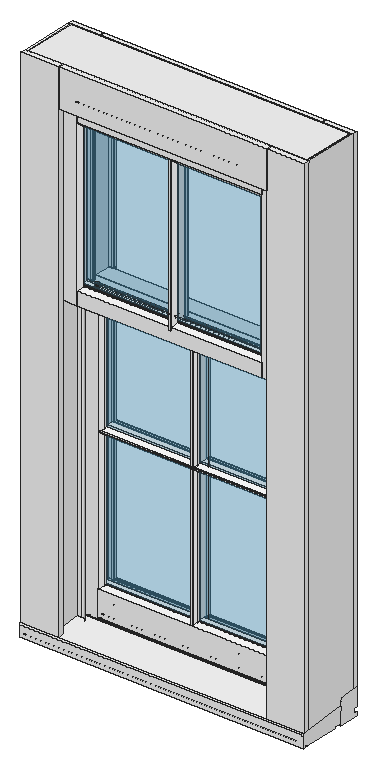
Revit family "B1-24", category Generic Models, Revit 2012 (continued)
Forms (mm)
  Extrusion 87, solid, material "White" <- "Floor Material"
    sketch origin (-331.582, -571.902, -292) x (-1, 0, 0) y (0, -1, 0)
      loop
        line (-162.504, -643.402) -> (-199.504, -643.402)
        arc (-199.504, -643.402) -> (-201.625, -644.281) -> (-202.504, -646.402) r 3
        line (-202.504, -646.402) -> (-202.504, -651.402) -> (-196.504, -651.402) -> (-196.504, -654.402) -> (-202.504, -654.402) -> (-202.504, -667.402) -> (-196.504, -667.402) -> (-196.504, -679.402) -> (-202.504, -679.402) -> (-202.504, -700.402)
        arc (-202.504, -700.402) -> (-201.625, -702.524) -> (-199.504, -703.402) r 3
        line (-199.504, -703.402) -> (-162.504, -703.402) -> (-162.504, -643.402)
    from 1122.029 to 1573.937
  Extrusion 88, solid, material "White" <- "Floor Material"
    sketch origin (-420.678, 19.326, -224.237) x (1, 0, 0) y (0, 1, 0)
      loop
        line (-8.825, 91.096) -> (11.175, 91.096) -> (11.175, 99.096) -> (9.175, 99.096) -> (9.175, 101.596) -> (3.675, 109.096) -> (3.675, 111.096) -> (-1.325, 111.096) -> (-1.325, 109.096) -> (-6.825, 101.596) -> (-6.825, 99.096) -> (-8.825, 99.096) -> (-8.825, 91.096)
      loop
        line (11.175, 62.296) -> (11.175, 65.096) -> (-8.825, 65.096) -> (-8.825, 62.296) -> (-1.325, 54.142) -> (-1.325, 52.142) -> (3.675, 52.142) -> (3.675, 54.142) -> (11.175, 62.296)
    from 341.242 to 1065.266
  Extrusion 89, solid, material "White" <- "Floor Material"
    sketch origin (-21.41, 0, 157) x (1, 0, 0) y (0, 1, 0)
      loop
        line (-408.094, 34) -> (-408.094, 18) -> (-388.094, 18) -> (-388.094, 34) -> (-408.094, 34)
    from 717.52 to 1108
  Extrusion 90, solid, material "White" <- "Floor Material"
    sketch origin (-21.41, 72.797, -224.237) x (1, 0, 0) y (0, 1, 0)
      loop
        line (-408.094, 34) -> (-408.094, 18) -> (-388.094, 18) -> (-388.094, 34) -> (-408.094, 34)
    from 353.733 to 1046.794
  Extrusion 91, solid, material "White" <- "Floor Material", detail levels fine
    sketch origin (-420.628, -53.846, 156.937) x (1, 0, 0) y (0, 1, 0)
      loop
        line (-8.825, 93.096) -> (11.175, 93.096) -> (11.175, 99.096) -> (9.175, 99.096) -> (9.175, 100.804)
        arc (9.175, 100.804) -> (7.675, 105.779) -> (3.675, 109.096) r 9
        line (3.675, 109.096) -> (3.675, 111.096) -> (-1.325, 111.096) -> (-1.325, 109.096)
        arc (-1.325, 109.096) -> (-5.325, 105.779) -> (-6.825, 100.804) r 9
        line (-6.825, 100.804) -> (-6.825, 99.096) -> (-8.825, 99.096) -> (-8.825, 93.096)
      loop
        line (-8.825, 61.911) -> (-1.376, 53.757) -> (-1.376, 51.757) -> (3.624, 51.757) -> (3.624, 53.757) -> (11.175, 64.711) -> (-8.825, 64.711) -> (-8.825, 61.911)
    from 701.091 to 1108.063
Dimensions and locks
  plane 4 to level = 1397 mm
  plane 8 to plane 5 = 131 mm  (x2)
  plane 9 to plane 7 = 174 mm
  locked: plane 10 to plane 11 at 44
  locked: plane 4 to plane 12 at 100
  locked: plane 13 to plane 12 at 14
  plane 14 to level = 33 mm
  locked: Extrusion 60 to Extrusion 60 at 6
  Extrusion 4 to Extrusion 4 = 4 mm
  locked: plane 4 to plane 15 at 82
  plane 16 to level = 68 mm
  plane 16 to plane 2 = 68 mm
  plane 19 to plane 12 = 100 mm
  Extrusion 59 to Extrusion 24 = 1397 mm
  plane 20 to plane 2 = 1397 mm
  "Width": plane 17 to plane 5
  locked: Extrusion 84 to Extrusion 84 at 6
  plane 21 to plane 17 = 82 mm
  plane 17 to plane 22 = 131 mm
  Extrusion 88 sketch curve to Extrusion 88 sketch curve = 8 mm  (x2)
  Extrusion 88 sketch curve to Extrusion 88 sketch curve = 26 mm
  aligned and locked: level to plane 2
  aligned and locked: Extrusion 5 to Extrusion 6
  aligned and locked: Extrusion 34 to Extrusion 33
  aligned and locked: plane 7 to Extrusion 23
  aligned and locked: Extrusion 16 to plane 8
  aligned and locked: Extrusion 14 to plane 8
  aligned and locked: Extrusion 21 to plane 8
  aligned and locked: Extrusion 18 to plane 8
  aligned and locked: Extrusion 20 to plane 8
  aligned and locked: Extrusion 17 to plane 8
  aligned and locked: Extrusion 19 to plane 8
  aligned and locked: Extrusion 22 to plane 8
  aligned and locked: Extrusion 8 to plane 8
  aligned and locked: Extrusion 10 to plane 8
  aligned and locked: Extrusion 3 to plane 8
  aligned and locked: Extrusion 9 to plane 8
  aligned and locked: Extrusion 5 to plane 8
  aligned and locked: Extrusion 7 to plane 8
  aligned and locked: Extrusion 2 to plane 8
  aligned and locked: Extrusion 6 to plane 8
  aligned and locked: Extrusion 9 to Extrusion 16
  aligned and locked: Extrusion 8 to Extrusion 16
  aligned and locked: Extrusion 29 to plane 8
  aligned and locked: Extrusion 27 to plane 8
  aligned and locked: Extrusion 31 to plane 8
  aligned and locked: Extrusion 34 to plane 8
  aligned and locked: Extrusion 33 to plane 8
  aligned and locked: Extrusion 35 to plane 8
  aligned and locked: Extrusion 36 to plane 8
  aligned and locked: Extrusion 32 to plane 8
  aligned and locked: Extrusion 28 to plane 8
  aligned and locked: Extrusion 4 to plane 8
  aligned and locked: plane 10 to Extrusion 2
  aligned and locked: plane 10 to Extrusion 40
  aligned and locked: plane 11 to Extrusion 1
  aligned and locked: Extrusion 44 to plane 11
  aligned and locked: Extrusion 43 to plane 11
  aligned and locked: plane 13 to Extrusion 43
  aligned and locked: plane 13 to Extrusion 44
  aligned and locked: plane 13 to Extrusion 54
  aligned and locked: plane 13 to Extrusion 53
  aligned and locked: plane 13 to Extrusion 52
  aligned and locked: plane 13 to Extrusion 46
  aligned and locked: Extrusion 15 to Extrusion 56
  aligned and locked: Extrusion 25 to plane 17
  aligned and locked: plane 20 to Extrusion 59
  aligned and locked: plane 4 to Extrusion 58
  aligned and locked: plane 4 to Extrusion 60
  aligned and locked: Sweep 62 sketch curve to plane 12
  aligned and locked: plane 21 to Sweep 62 sketch curve
Automatic sketch dimensions
  plane 1 "Center (Front/Back)" to Extrusion 17 sketch curve = 3.465 mm
  Extrusion 17 sketch curve to Extrusion 17 sketch curve = 1.414 mm
  Extrusion 17 sketch curve to plane 15 = 1.206 mm
  Extrusion 17 sketch curve to plane 15 = 0.117 mm
  plane 15 to Extrusion 17 sketch curve = 2.992 mm
  Extrusion 17 sketch curve to Extrusion 17 sketch curve = 1.085 mm
  plane 15 to Extrusion 18 sketch curve = 2.687 mm
  plane 1 "Center (Front/Back)" to Extrusion 18 sketch curve = 8.25 mm
  plane 15 to Extrusion 18 sketch curve = 0.187 mm
  Extrusion 18 sketch curve to Extrusion 18 sketch curve = 4 mm
  Extrusion 18 sketch curve to Extrusion 18 sketch curve = 0 mm
  Extrusion 18 sketch curve to Extrusion 18 sketch curve = 0.786 mm
  Extrusion 18 sketch curve to Extrusion 18 sketch curve = 1.414 mm  (x2)
  Extrusion 18 sketch curve to Extrusion 18 sketch curve = 0.8 mm  (x2)
  Extrusion 18 sketch curve to plane 15 = 0.117 mm
  Extrusion 18 sketch curve to plane 15 = 1.206 mm
  Extrusion 18 sketch curve to Extrusion 18 sketch curve = 0.857 mm  (x2)
  plane 15 to Extrusion 18 sketch curve = 2.992 mm
  Extrusion 18 sketch curve to Extrusion 18 sketch curve = 1.089 mm
  plane 1 "Center (Front/Back)" to Extrusion 19 sketch curve = 2.05 mm
  Extrusion 19 sketch curve to plane 1 "Center (Front/Back)" = 2.612 mm
  Extrusion 19 sketch curve to plane 15 = 1.419 mm
  plane 15 to Extrusion 19 sketch curve = 0.664 mm
  Extrusion 19 sketch curve to Extrusion 19 sketch curve = 1.235 mm
  plane 15 to Extrusion 19 sketch curve = 4.262 mm
  plane 5 to Extrusion 38 sketch curve = 34.062 mm  (x2)
  Extrusion 38 sketch curve to Extrusion 38 sketch curve = 45 mm  (x2)
  Extrusion 38 sketch curve to Extrusion 38 sketch curve = 0 mm  (x2)
  Extrusion 38 sketch curve to Extrusion 38 sketch curve = 3 mm  (x2)
  Extrusion 38 sketch curve to plane 1 "Center (Front/Back)" = 14.937 mm
  Extrusion 38 sketch curve to plane 1 "Center (Front/Back)" = 21.437 mm
  Extrusion 38 sketch curve to Extrusion 38 sketch curve = 16 mm  (x2)
  Extrusion 38 sketch curve to Extrusion 38 sketch curve = 6.5 mm  (x3)
  Extrusion 38 sketch curve to Extrusion 38 sketch curve = 42 mm
  plane 22 to Extrusion 74 sketch curve = 4.921 mm
  Extrusion 74 sketch curve to plane 22 = 0.079 mm
  Extrusion 74 sketch curve to plane 22 = 7.079 mm
  Extrusion 74 sketch curve to Extrusion 74 sketch curve = 1 mm  (x2)
  Extrusion 74 sketch curve to Extrusion 74 sketch curve = 3 mm  (x2)
  Extrusion 74 sketch curve to plane 1 "Center (Front/Back)" = 57 mm
  Extrusion 74 sketch curve to Extrusion 74 sketch curve = 4 mm
  Extrusion 74 sketch curve to Extrusion 74 sketch curve = 8 mm
  Extrusion 88 sketch curve to plane 23 = 2 mm
  plane 18 to Extrusion 88 sketch curve = 10 mm  (x2)
  Extrusion 88 sketch curve to Extrusion 88 sketch curve = 2 mm  (x4)
  plane 18 to Extrusion 88 sketch curve = 2.5 mm  (x2)
  Extrusion 88 sketch curve to plane 18 = 2.5 mm  (x2)
  Extrusion 88 sketch curve to plane 18 = 8 mm
  Extrusion 88 sketch curve to plane 18 = 10 mm
  Extrusion 88 sketch curve to Extrusion 88 sketch curve = 2.8 mm  (x2)
  Extrusion 88 sketch curve to Extrusion 88 sketch curve = 8.154 mm
  Extrusion 88 sketch curve to Extrusion 88 sketch curve = 0 mm  (x2)
  plane 23 to Extrusion 88 sketch curve = 6 mm
  Extrusion 88 sketch curve to Extrusion 88 sketch curve = 2.5 mm  (x2)
  Extrusion 88 sketch curve to Extrusion 88 sketch curve = 7.5 mm
  plane 18 to Extrusion 89 sketch curve = 10 mm
  Extrusion 89 sketch curve to plane 18 = 10 mm
  Extrusion 89 sketch curve to plane 1 "Center (Front/Back)" = 18 mm
  Extrusion 89 sketch curve to Extrusion 89 sketch curve = 16 mm
  plane 18 to Extrusion 91 sketch curve = 9.949 mm  (x2)
  Extrusion 91 sketch curve to Extrusion 91 sketch curve = 2 mm  (x4)
  plane 1 "Center (Front/Back)" to Extrusion 91 sketch curve = 0.089 mm  (x2)
  plane 18 to Extrusion 91 sketch curve = 2.5 mm
  plane 18 to Extrusion 91 sketch curve = 2.449 mm
  plane 18 to Extrusion 91 sketch curve = 0.949 mm
  Extrusion 91 sketch curve to plane 18 = 1.051 mm
  Extrusion 91 sketch curve to plane 18 = 2.5 mm
  Extrusion 91 sketch curve to plane 18 = 2.551 mm
  Extrusion 91 sketch curve to Extrusion 91 sketch curve = 7 mm
  Extrusion 91 sketch curve to plane 18 = 10.051 mm
  Extrusion 91 sketch curve to plane 1 "Center (Front/Back)" = 8.065 mm
  Extrusion 91 sketch curve to Extrusion 91 sketch curve = 2.8 mm
  Extrusion 91 sketch curve to Extrusion 91 sketch curve = 28.385 mm
  Extrusion 91 sketch curve to Extrusion 91 sketch curve = 6 mm  (x2)
  Extrusion 91 sketch curve to Extrusion 91 sketch curve = 1.708 mm
  Extrusion 91 sketch curve to Extrusion 91 sketch curve = 0 mm
  Extrusion 1 sketch curve to plane 1 "Center (Front/Back)" = 0 mm
  Extrusion 1 sketch curve to plane 11 = 0 mm
  plane 10 to Extrusion 1 sketch curve = 1.398 mm
  Extrusion 1 sketch curve to plane 1 "Center (Front/Back)" = 10 mm
  Extrusion 1 sketch curve to plane 1 "Center (Front/Back)" = 12 mm
  Extrusion 1 sketch curve to plane 10 = 0.602 mm
  Extrusion 1 sketch curve to Extrusion 1 sketch curve = 6 mm  (x2)
  Extrusion 1 sketch curve to Extrusion 1 sketch curve = 30.175 mm
  Extrusion 1 sketch curve to Extrusion 1 sketch curve = 16 mm  (x2)
  Extrusion 1 sketch curve to Extrusion 1 sketch curve = 20 mm
  Extrusion 1 sketch curve to Extrusion 1 sketch curve = 1.755 mm
  Extrusion 1 sketch curve to Extrusion 1 sketch curve = 5.47 mm
  Extrusion 1 sketch curve to Extrusion 1 sketch curve = 1.388 mm
  Extrusion 1 sketch curve to plane 10 = 12.881 mm
  Extrusion 1 sketch curve to Extrusion 1 sketch curve = 0.641 mm
  Extrusion 1 sketch curve to plane 10 = 10.196 mm
  Extrusion 1 sketch curve to Extrusion 1 sketch curve = 1.127 mm
  Extrusion 1 sketch curve to Extrusion 1 sketch curve = 2.057 mm
  Extrusion 1 sketch curve to Extrusion 1 sketch curve = 0.597 mm
  Extrusion 1 sketch curve to Extrusion 1 sketch curve = 0.817 mm  (x2)
  plane 11 to Extrusion 1 sketch curve = 3.398 mm
  Extrusion 1 sketch curve to Extrusion 1 sketch curve = 29 mm
  Extrusion 1 sketch curve to Extrusion 1 sketch curve = 4 mm  (x4)
  plane 11 to Extrusion 1 sketch curve = 5.398 mm
  Extrusion 1 sketch curve to Extrusion 1 sketch curve = 3 mm  (x3)
  plane 11 to Extrusion 1 sketch curve = 1.398 mm
  Extrusion 1 sketch curve to Extrusion 1 sketch curve = 1 mm  (x2)
  Extrusion 1 sketch curve to Extrusion 1 sketch curve = 8 mm
  Extrusion 1 sketch curve to Extrusion 1 sketch curve = 10 mm
  Extrusion 1 sketch curve to Extrusion 1 sketch curve = 4.721 mm
  Extrusion 1 sketch curve to Extrusion 1 sketch curve = 0.752 mm
  Extrusion 1 sketch curve to Extrusion 1 sketch curve = 1.157 mm
  Extrusion 1 sketch curve to plane 10 = 14.602 mm
  Extrusion 1 sketch curve to Extrusion 1 sketch curve = 0.824 mm
  Extrusion 1 sketch curve to plane 10 = 8.602 mm
  plane 10 to Extrusion 3 sketch curve = 1.398 mm  (x2)
  Extrusion 3 sketch curve to plane 1 "Center (Front/Back)" = 12 mm
  Extrusion 3 sketch curve to Extrusion 3 sketch curve = 2 mm  (x2)
  plane 10 to Extrusion 3 sketch curve = 1.89 mm
  Extrusion 3 sketch curve to Extrusion 3 sketch curve = 24 mm  (x2)
  Extrusion 3 sketch curve to Extrusion 3 sketch curve = 3 mm  (x2)
  Extrusion 3 sketch curve to Extrusion 3 sketch curve = 4 mm  (x2)
  plane 11 to Extrusion 3 sketch curve = 4.398 mm
  Extrusion 3 sketch curve to Extrusion 3 sketch curve = 42 mm
  plane 11 to Extrusion 3 sketch curve = 0.907 mm
  plane 11 to Extrusion 3 sketch curve = 5.398 mm
  plane 11 to Extrusion 3 sketch curve = 1.398 mm  (x2)
  plane 11 to Extrusion 3 sketch curve = 1.153 mm
  Extrusion 3 sketch curve to Extrusion 3 sketch curve = 0.246 mm
  Extrusion 3 sketch curve to plane 10 = 2.602 mm
  Extrusion 3 sketch curve to plane 10 = 1.602 mm
  Extrusion 3 sketch curve to plane 10 = 1.356 mm
  plane 10 to Extrusion 3 sketch curve = 1.644 mm
  plane 7 to Extrusion 4 sketch curve = 67.764 mm
  Extrusion 4 sketch curve to Extrusion 4 sketch curve = 4 mm  (x2)
  plane 11 to Extrusion 4 sketch curve = 5.398 mm
  Extrusion 4 sketch curve to Extrusion 4 sketch curve = 16 mm
  plane 11 to Extrusion 4 sketch curve = 3.398 mm
  plane 16 to Extrusion 4 sketch curve = 49.004 mm
  Extrusion 4 sketch curve to Extrusion 4 sketch curve = 0 mm
  Extrusion 5 sketch curve to plane 10 = 14.702 mm
  Extrusion 5 sketch curve to plane 1 "Center (Front/Back)" = 61.71 mm
  Extrusion 5 sketch curve to Extrusion 5 sketch curve = 0.207 mm
  Extrusion 5 sketch curve to Extrusion 5 sketch curve = 0.208 mm
  Extrusion 5 sketch curve to Extrusion 5 sketch curve = 0.097 mm  (x2)
  Extrusion 5 sketch curve to Extrusion 5 sketch curve = 0.695 mm
  Extrusion 5 sketch curve to Extrusion 5 sketch curve = 0.01 mm
  Extrusion 5 sketch curve to Extrusion 5 sketch curve = 0.515 mm
  Extrusion 5 sketch curve to Extrusion 5 sketch curve = 0.807 mm
  Extrusion 5 sketch curve to Extrusion 5 sketch curve = 0.052 mm
  Extrusion 5 sketch curve to Extrusion 5 sketch curve = 0.494 mm
  Extrusion 5 sketch curve to Extrusion 5 sketch curve = 0.432 mm
  Extrusion 5 sketch curve to Extrusion 5 sketch curve = 0.799 mm
  Extrusion 5 sketch curve to Extrusion 5 sketch curve = 0.784 mm
  Extrusion 5 sketch curve to Extrusion 5 sketch curve = 0.893 mm  (x3)
  Extrusion 5 sketch curve to Extrusion 5 sketch curve = 3.071 mm
  Extrusion 5 sketch curve to Extrusion 5 sketch curve = 2.464 mm
  Extrusion 5 sketch curve to Extrusion 5 sketch curve = 0.602 mm  (x2)
  Extrusion 5 sketch curve to Extrusion 5 sketch curve = 2.962 mm
  Extrusion 5 sketch curve to Extrusion 5 sketch curve = 0.109 mm
  Extrusion 5 sketch curve to Extrusion 5 sketch curve = 0.606 mm
  Extrusion 5 sketch curve to Extrusion 5 sketch curve = 1.622 mm
  Extrusion 5 sketch curve to Extrusion 5 sketch curve = 0.373 mm
  Extrusion 5 sketch curve to Extrusion 5 sketch curve = 2.848 mm
  Extrusion 5 sketch curve to Extrusion 5 sketch curve = 0.798 mm
  Extrusion 5 sketch curve to Extrusion 5 sketch curve = 0.078 mm
  Extrusion 5 sketch curve to Extrusion 5 sketch curve = 0.64 mm
  Extrusion 5 sketch curve to Extrusion 5 sketch curve = 0.422 mm
  Extrusion 5 sketch curve to Extrusion 5 sketch curve = 1.377 mm
  Extrusion 5 sketch curve to Extrusion 5 sketch curve = 1.698 mm
  Extrusion 5 sketch curve to Extrusion 5 sketch curve = 0.083 mm
  Extrusion 5 sketch curve to Extrusion 5 sketch curve = 2.325 mm
  Extrusion 5 sketch curve to Extrusion 5 sketch curve = 2.362 mm
  Extrusion 5 sketch curve to Extrusion 5 sketch curve = 0.218 mm
  Extrusion 5 sketch curve to Extrusion 5 sketch curve = 0.794 mm  (x2)
  Extrusion 5 sketch curve to Extrusion 5 sketch curve = 0.584 mm
  Extrusion 5 sketch curve to Extrusion 5 sketch curve = 0.621 mm
  Extrusion 5 sketch curve to Extrusion 5 sketch curve = 0.663 mm
  Extrusion 5 sketch curve to Extrusion 5 sketch curve = 0.085 mm
  Extrusion 5 sketch curve to Extrusion 5 sketch curve = 0.645 mm
  Extrusion 5 sketch curve to Extrusion 5 sketch curve = 1.316 mm
  Extrusion 5 sketch curve to Extrusion 5 sketch curve = 0.482 mm
  Extrusion 5 sketch curve to Extrusion 5 sketch curve = 0.026 mm
  Extrusion 5 sketch curve to Extrusion 5 sketch curve = 2.763 mm
  Extrusion 5 sketch curve to Extrusion 5 sketch curve = 0.86 mm
  Extrusion 6 sketch curve to plane 10 = 14.602 mm
  Extrusion 6 sketch curve to plane 1 "Center (Front/Back)" = 61.71 mm
  Extrusion 6 sketch curve to Extrusion 6 sketch curve = 0.208 mm
  Extrusion 6 sketch curve to Extrusion 6 sketch curve = 0.098 mm
  Extrusion 6 sketch curve to Extrusion 6 sketch curve = 0.097 mm  (x5)
  Extrusion 6 sketch curve to Extrusion 6 sketch curve = 0.697 mm  (x2)
  Extrusion 6 sketch curve to Extrusion 6 sketch curve = 0.518 mm
  Extrusion 6 sketch curve to Extrusion 6 sketch curve = 0.694 mm
  Extrusion 6 sketch curve to Extrusion 6 sketch curve = 0.165 mm
  Extrusion 6 sketch curve to Extrusion 6 sketch curve = 0.689 mm
  Extrusion 6 sketch curve to Extrusion 6 sketch curve = 0.644 mm
  Extrusion 6 sketch curve to Extrusion 6 sketch curve = 0.799 mm
  Extrusion 6 sketch curve to Extrusion 6 sketch curve = 0.794 mm  (x4)
  Extrusion 6 sketch curve to Extrusion 6 sketch curve = 3.119 mm
  Extrusion 6 sketch curve to Extrusion 6 sketch curve = 2.365 mm
  Extrusion 6 sketch curve to Extrusion 6 sketch curve = 0.661 mm  (x2)
  Extrusion 6 sketch curve to Extrusion 6 sketch curve = 3.021 mm
  Extrusion 6 sketch curve to Extrusion 6 sketch curve = 0.541 mm
  Extrusion 6 sketch curve to Extrusion 6 sketch curve = 1.585 mm
  Extrusion 6 sketch curve to Extrusion 6 sketch curve = 0.629 mm
  Extrusion 6 sketch curve to Extrusion 6 sketch curve = 2.86 mm
  Extrusion 6 sketch curve to Extrusion 6 sketch curve = 0.091 mm
  Extrusion 6 sketch curve to Extrusion 6 sketch curve = 0.411 mm
  Extrusion 6 sketch curve to Extrusion 6 sketch curve = 0.739 mm
  Extrusion 6 sketch curve to Extrusion 6 sketch curve = 0.509 mm
  Extrusion 6 sketch curve to Extrusion 6 sketch curve = 1.464 mm
  Extrusion 6 sketch curve to Extrusion 6 sketch curve = 1.698 mm
  Extrusion 6 sketch curve to Extrusion 6 sketch curve = 0.134 mm
  Extrusion 6 sketch curve to Extrusion 6 sketch curve = 2.325 mm
  Extrusion 6 sketch curve to Extrusion 6 sketch curve = 2.323 mm
  Extrusion 6 sketch curve to Extrusion 6 sketch curve = 0.2 mm
  Extrusion 6 sketch curve to Extrusion 6 sketch curve = 0.501 mm
  Extrusion 6 sketch curve to Extrusion 6 sketch curve = 0.092 mm
  Extrusion 6 sketch curve to Extrusion 6 sketch curve = 0.722 mm
  Extrusion 6 sketch curve to Extrusion 6 sketch curve = 0.763 mm
  Extrusion 6 sketch curve to Extrusion 6 sketch curve = 0.744 mm
  Extrusion 6 sketch curve to Extrusion 6 sketch curve = 1.416 mm
  Extrusion 6 sketch curve to Extrusion 6 sketch curve = 0.365 mm
  Extrusion 6 sketch curve to Extrusion 6 sketch curve = 0.077 mm
  Extrusion 6 sketch curve to Extrusion 6 sketch curve = 2.759 mm
  Extrusion 6 sketch curve to Extrusion 6 sketch curve = 0.941 mm
  Extrusion 7 sketch curve to plane 10 = 14.319 mm
  Extrusion 7 sketch curve to plane 1 "Center (Front/Back)" = 56.897 mm
  Extrusion 7 sketch curve to Extrusion 7 sketch curve = 0.097 mm  (x2)
  Extrusion 7 sketch curve to Extrusion 7 sketch curve = 0.233 mm
  Extrusion 7 sketch curve to Extrusion 7 sketch curve = 0.437 mm
  Extrusion 7 sketch curve to Extrusion 7 sketch curve = 0.496 mm
  Extrusion 7 sketch curve to Extrusion 7 sketch curve = 0.065 mm
  Extrusion 7 sketch curve to Extrusion 7 sketch curve = 0.807 mm
  Extrusion 7 sketch curve to Extrusion 7 sketch curve = 0.052 mm
  Extrusion 7 sketch curve to Extrusion 7 sketch curve = 0.552 mm
  Extrusion 7 sketch curve to Extrusion 7 sketch curve = 0.432 mm
  Extrusion 7 sketch curve to Extrusion 7 sketch curve = 0.07 mm
  Extrusion 7 sketch curve to Extrusion 7 sketch curve = 0.799 mm
  Extrusion 7 sketch curve to Extrusion 7 sketch curve = 2.464 mm
  Extrusion 7 sketch curve to Extrusion 7 sketch curve = 5.127 mm
  Extrusion 7 sketch curve to Extrusion 7 sketch curve = 0.03 mm
  Extrusion 7 sketch curve to Extrusion 7 sketch curve = 0.032 mm
  Extrusion 7 sketch curve to Extrusion 7 sketch curve = 0.218 mm
  Extrusion 7 sketch curve to Extrusion 7 sketch curve = 0.346 mm
  Extrusion 7 sketch curve to Extrusion 7 sketch curve = 0.794 mm  (x2)
  Extrusion 7 sketch curve to Extrusion 7 sketch curve = 0.584 mm
  Extrusion 7 sketch curve to Extrusion 7 sketch curve = 0.621 mm
  Extrusion 7 sketch curve to Extrusion 7 sketch curve = 0.663 mm
  Extrusion 7 sketch curve to Extrusion 7 sketch curve = 4.187 mm
  Extrusion 7 sketch curve to Extrusion 7 sketch curve = 0.013 mm
  Extrusion 7 sketch curve to Extrusion 7 sketch curve = 0.465 mm
  Extrusion 7 sketch curve to Extrusion 7 sketch curve = 0.061 mm
  Extrusion 7 sketch curve to Extrusion 7 sketch curve = 0.661 mm
  Extrusion 7 sketch curve to Extrusion 7 sketch curve = 0.251 mm
  plane 11 to Extrusion 8 sketch curve = 17.781 mm
  Extrusion 8 sketch curve to plane 1 "Center (Front/Back)" = 69.29 mm
  Extrusion 8 sketch curve to Extrusion 8 sketch curve = 0.207 mm
  Extrusion 8 sketch curve to Extrusion 8 sketch curve = 0.208 mm
  Extrusion 8 sketch curve to Extrusion 8 sketch curve = 0.097 mm  (x2)
  Extrusion 8 sketch curve to Extrusion 8 sketch curve = 0.695 mm
  Extrusion 8 sketch curve to Extrusion 8 sketch curve = 0.01 mm
  Extrusion 8 sketch curve to Extrusion 8 sketch curve = 0.515 mm
  Extrusion 8 sketch curve to Extrusion 8 sketch curve = 0.807 mm
  Extrusion 8 sketch curve to Extrusion 8 sketch curve = 0.052 mm
  Extrusion 8 sketch curve to Extrusion 8 sketch curve = 0.494 mm
  Extrusion 8 sketch curve to Extrusion 8 sketch curve = 0.432 mm
  Extrusion 8 sketch curve to Extrusion 8 sketch curve = 0.799 mm
  Extrusion 8 sketch curve to Extrusion 8 sketch curve = 0.784 mm
  Extrusion 8 sketch curve to Extrusion 8 sketch curve = 0.893 mm  (x3)
  Extrusion 8 sketch curve to Extrusion 8 sketch curve = 3.071 mm
  Extrusion 8 sketch curve to Extrusion 8 sketch curve = 2.464 mm
  Extrusion 8 sketch curve to Extrusion 8 sketch curve = 0.602 mm  (x2)
  Extrusion 8 sketch curve to Extrusion 8 sketch curve = 2.962 mm
  Extrusion 8 sketch curve to Extrusion 8 sketch curve = 0.109 mm
  Extrusion 8 sketch curve to Extrusion 8 sketch curve = 0.606 mm
  Extrusion 8 sketch curve to Extrusion 8 sketch curve = 1.622 mm
  Extrusion 8 sketch curve to Extrusion 8 sketch curve = 0.373 mm
  Extrusion 8 sketch curve to Extrusion 8 sketch curve = 2.848 mm
  Extrusion 8 sketch curve to Extrusion 8 sketch curve = 0.798 mm
  Extrusion 8 sketch curve to Extrusion 8 sketch curve = 0.078 mm
  Extrusion 8 sketch curve to Extrusion 8 sketch curve = 0.64 mm
  Extrusion 8 sketch curve to Extrusion 8 sketch curve = 0.422 mm
  Extrusion 8 sketch curve to Extrusion 8 sketch curve = 1.377 mm
  Extrusion 8 sketch curve to Extrusion 8 sketch curve = 1.698 mm
  Extrusion 8 sketch curve to Extrusion 8 sketch curve = 0.083 mm
  Extrusion 8 sketch curve to Extrusion 8 sketch curve = 2.325 mm
  Extrusion 8 sketch curve to Extrusion 8 sketch curve = 2.362 mm
  Extrusion 8 sketch curve to Extrusion 8 sketch curve = 0.218 mm
  Extrusion 8 sketch curve to Extrusion 8 sketch curve = 0.794 mm  (x2)
  Extrusion 8 sketch curve to Extrusion 8 sketch curve = 0.584 mm
  Extrusion 8 sketch curve to Extrusion 8 sketch curve = 0.621 mm
  Extrusion 8 sketch curve to Extrusion 8 sketch curve = 0.663 mm
  Extrusion 8 sketch curve to Extrusion 8 sketch curve = 0.085 mm
  Extrusion 8 sketch curve to Extrusion 8 sketch curve = 0.645 mm
  Extrusion 8 sketch curve to Extrusion 8 sketch curve = 1.316 mm
  Extrusion 8 sketch curve to Extrusion 8 sketch curve = 0.482 mm
  Extrusion 8 sketch curve to Extrusion 8 sketch curve = 0.026 mm
  Extrusion 8 sketch curve to Extrusion 8 sketch curve = 2.763 mm
  Extrusion 8 sketch curve to Extrusion 8 sketch curve = 0.86 mm
  plane 11 to Extrusion 9 sketch curve = 17.398 mm
  Extrusion 9 sketch curve to plane 1 "Center (Front/Back)" = 74.103 mm
  Extrusion 9 sketch curve to Extrusion 9 sketch curve = 0.097 mm  (x2)
  Extrusion 9 sketch curve to Extrusion 9 sketch curve = 0.233 mm
  Extrusion 9 sketch curve to Extrusion 9 sketch curve = 0.437 mm
  Extrusion 9 sketch curve to Extrusion 9 sketch curve = 0.496 mm
  Extrusion 9 sketch curve to Extrusion 9 sketch curve = 0.065 mm
  Extrusion 9 sketch curve to Extrusion 9 sketch curve = 0.807 mm
  Extrusion 9 sketch curve to Extrusion 9 sketch curve = 0.052 mm
  Extrusion 9 sketch curve to Extrusion 9 sketch curve = 0.552 mm
  Extrusion 9 sketch curve to Extrusion 9 sketch curve = 0.432 mm
  Extrusion 9 sketch curve to Extrusion 9 sketch curve = 0.07 mm
  Extrusion 9 sketch curve to Extrusion 9 sketch curve = 0.799 mm
  Extrusion 9 sketch curve to Extrusion 9 sketch curve = 2.464 mm
  Extrusion 9 sketch curve to Extrusion 9 sketch curve = 5.127 mm
  Extrusion 9 sketch curve to Extrusion 9 sketch curve = 0.03 mm
  Extrusion 9 sketch curve to Extrusion 9 sketch curve = 0.032 mm
  Extrusion 9 sketch curve to Extrusion 9 sketch curve = 0.218 mm
  Extrusion 9 sketch curve to Extrusion 9 sketch curve = 0.346 mm
  Extrusion 9 sketch curve to Extrusion 9 sketch curve = 0.794 mm  (x2)
  Extrusion 9 sketch curve to Extrusion 9 sketch curve = 0.584 mm
  Extrusion 9 sketch curve to Extrusion 9 sketch curve = 0.621 mm
  Extrusion 9 sketch curve to Extrusion 9 sketch curve = 0.663 mm
  Extrusion 9 sketch curve to Extrusion 9 sketch curve = 4.187 mm
  Extrusion 9 sketch curve to Extrusion 9 sketch curve = 0.013 mm
  Extrusion 9 sketch curve to Extrusion 9 sketch curve = 0.465 mm
  Extrusion 9 sketch curve to Extrusion 9 sketch curve = 0.061 mm
  Extrusion 9 sketch curve to Extrusion 9 sketch curve = 0.661 mm
  Extrusion 9 sketch curve to Extrusion 9 sketch curve = 0.251 mm
  Extrusion 10 sketch curve to plane 1 "Center (Front/Back)" = 12 mm
  Extrusion 10 sketch curve to Extrusion 10 sketch curve = 26 mm  (x2)
  plane 11 to Extrusion 10 sketch curve = 13.398 mm
  Extrusion 10 sketch curve to Extrusion 10 sketch curve = 45 mm
  Extrusion 10 sketch curve to Extrusion 10 sketch curve = 4 mm  (x2)
  Extrusion 10 sketch curve to plane 10 = 14.602 mm
  Extrusion 13 sketch curve to plane 13 = 0 mm  (x2)
  Extrusion 13 sketch curve to plane 1 "Center (Front/Back)" = 0.25 mm
  Extrusion 13 sketch curve to plane 1 "Center (Front/Back)" = 3.25 mm
  Extrusion 13 sketch curve to plane 1 "Center (Front/Back)" = 10.25 mm
  Extrusion 13 sketch curve to Extrusion 13 sketch curve = 2 mm
  Extrusion 13 sketch curve to plane 13 = 6 mm
  Extrusion 13 sketch curve to Extrusion 13 sketch curve = 46 mm
  Extrusion 13 sketch curve to Extrusion 13 sketch curve = 3 mm
  Extrusion 13 sketch curve to plane 13 = 3 mm
  Extrusion 13 sketch curve to Extrusion 13 sketch curve = 5 mm
  Extrusion 13 sketch curve to plane 12 = 26 mm
  Extrusion 13 sketch curve to Extrusion 13 sketch curve = 6 mm
  Extrusion 13 sketch curve to Extrusion 13 sketch curve = 10 mm
  Extrusion 14 sketch curve to plane 1 "Center (Front/Back)" = 38.25 mm
  Extrusion 14 sketch curve to Extrusion 14 sketch curve = 3 mm  (x2)
  plane 15 to Extrusion 14 sketch curve = 7.62 mm
  Extrusion 14 sketch curve to Extrusion 14 sketch curve = 3.601 mm
  plane 15 to Extrusion 14 sketch curve = 11.305 mm
  Extrusion 14 sketch curve to Extrusion 14 sketch curve = 0.187 mm
  Extrusion 14 sketch curve to Extrusion 14 sketch curve = 1 mm  (x2)
  Extrusion 14 sketch curve to Extrusion 14 sketch curve = 0.649 mm
  plane 15 to Extrusion 14 sketch curve = 10.497 mm
  Extrusion 14 sketch curve to Extrusion 14 sketch curve = 2.265 mm
  Extrusion 14 sketch curve to Extrusion 14 sketch curve = 0.863 mm
  Extrusion 14 sketch curve to Extrusion 14 sketch curve = 0.001 mm
  Extrusion 14 sketch curve to Extrusion 14 sketch curve = 5 mm  (x2)
  plane 15 to Extrusion 14 sketch curve = 15.566 mm
  Extrusion 14 sketch curve to Extrusion 14 sketch curve = 1.118 mm
  Extrusion 14 sketch curve to Extrusion 14 sketch curve = 0.702 mm  (x2)
  plane 15 to Extrusion 14 sketch curve = 14.005 mm
  plane 15 to Extrusion 14 sketch curve = 2.625 mm
  Extrusion 14 sketch curve to Extrusion 14 sketch curve = 5.889 mm
  Extrusion 14 sketch curve to Extrusion 14 sketch curve = 0.861 mm
  Extrusion 14 sketch curve to Extrusion 14 sketch curve = 1.943 mm
  Extrusion 14 sketch curve to Extrusion 14 sketch curve = 1.982 mm
  plane 15 to Extrusion 14 sketch curve = 2.22 mm
  Extrusion 14 sketch curve to Extrusion 14 sketch curve = 0.1 mm
  Extrusion 14 sketch curve to Extrusion 14 sketch curve = 1.022 mm
  Extrusion 14 sketch curve to Extrusion 14 sketch curve = 0.095 mm
  Extrusion 14 sketch curve to Extrusion 14 sketch curve = 0.7 mm
  Extrusion 14 sketch curve to Extrusion 14 sketch curve = 1.018 mm
  Extrusion 14 sketch curve to Extrusion 14 sketch curve = 8 mm
  Extrusion 14 sketch curve to plane 12 = 15.063 mm
  Extrusion 14 sketch curve to Extrusion 14 sketch curve = 4 mm
  Extrusion 14 sketch curve to Extrusion 14 sketch curve = 0.405 mm
  Extrusion 14 sketch curve to Extrusion 14 sketch curve = 1.234 mm
  Extrusion 14 sketch curve to Extrusion 14 sketch curve = 2.583 mm
  Extrusion 14 sketch curve to Extrusion 14 sketch curve = 0.9 mm
  Extrusion 14 sketch curve to Extrusion 14 sketch curve = 1.71 mm
  plane 1 "Center (Front/Back)" to Extrusion 15 sketch curve = 1.25 mm
  Extrusion 15 sketch curve to plane 4 = 6 mm
  plane 7 to Extrusion 15 sketch curve = 20 mm
  plane 15 to Extrusion 15 sketch curve = 32 mm
  plane 10 to Extrusion 16 sketch curve = 1.89 mm  (x2)
  Extrusion 16 sketch curve to plane 1 "Center (Front/Back)" = 14 mm
  Extrusion 16 sketch curve to Extrusion 16 sketch curve = 4 mm  (x2)
  Extrusion 16 sketch curve to Extrusion 16 sketch curve = 16.25 mm
  Extrusion 16 sketch curve to plane 12 = 26 mm
  Extrusion 16 sketch curve to Extrusion 16 sketch curve = 0 mm
  plane 15 to Extrusion 20 sketch curve = 4.078 mm
  plane 7 to Extrusion 20 sketch curve = 17.786 mm
  Extrusion 20 sketch curve to Extrusion 20 sketch curve = 1.414 mm
  Extrusion 20 sketch curve to Extrusion 20 sketch curve = 1.085 mm
  Extrusion 20 sketch curve to plane 15 = 0.117 mm
  Extrusion 20 sketch curve to Extrusion 20 sketch curve = 1.089 mm
  Extrusion 21 sketch curve to plane 15 = 1.899 mm
  Extrusion 21 sketch curve to plane 7 = 19.2 mm
  plane 15 to Extrusion 21 sketch curve = 1.419 mm
  Extrusion 21 sketch curve to Extrusion 21 sketch curve = 4.662 mm
  Extrusion 21 sketch curve to plane 15 = 0.664 mm
  Extrusion 21 sketch curve to plane 15 = 4.262 mm
  Extrusion 22 sketch curve to plane 1 "Center (Front/Back)" = 12.25 mm
  Extrusion 22 sketch curve to Extrusion 22 sketch curve = 1.75 mm
  Extrusion 22 sketch curve to Extrusion 22 sketch curve = 24.25 mm
  Extrusion 22 sketch curve to Extrusion 22 sketch curve = 3 mm
  Extrusion 22 sketch curve to Extrusion 22 sketch curve = 4 mm  (x2)
  Extrusion 22 sketch curve to plane 12 = 31.063 mm
  Extrusion 22 sketch curve to Extrusion 22 sketch curve = 1 mm
  Extrusion 22 sketch curve to Extrusion 22 sketch curve = 0.215 mm
  Extrusion 22 sketch curve to Extrusion 22 sketch curve = 2.785 mm
  Extrusion 23 sketch curve to plane 15 = 0 mm  (x2)
  Extrusion 23 sketch curve to plane 7 = 0 mm
  plane 15 to Extrusion 23 sketch curve = 7 mm
  Extrusion 23 sketch curve to plane 1 "Center (Front/Back)" = 69.75 mm
  Extrusion 23 sketch curve to Extrusion 23 sketch curve = 8 mm  (x2)
  plane 1 "Center (Front/Back)" to Extrusion 23 sketch curve = 1.25 mm  (x2)
  Extrusion 23 sketch curve to Extrusion 23 sketch curve = 5 mm
  plane 15 to Extrusion 23 sketch curve = 9 mm
  Extrusion 23 sketch curve to plane 4 = 6 mm
  Extrusion 24 sketch curve to plane 14 = 0 mm
  Extrusion 24 sketch curve to level = 0 mm  (x2)
  plane 7 to Extrusion 24 sketch curve = 49.25 mm
  level to Extrusion 24 sketch curve = 5 mm
  Extrusion 24 sketch curve to Extrusion 24 sketch curve = 5 mm  (x2)
  Extrusion 24 sketch curve to Extrusion 24 sketch curve = 20 mm
  level to Extrusion 24 sketch curve = 2 mm
  Extrusion 24 sketch curve to plane 6 = 6.75 mm
  Extrusion 24 sketch curve to Extrusion 24 sketch curve = 3 mm
  plane 6 to Extrusion 24 sketch curve = 1.25 mm
  plane 14 to Extrusion 24 sketch curve = 0.098 mm
  plane 6 to Extrusion 24 sketch curve = 1.616 mm
  Extrusion 24 sketch curve to plane 14 = 2.879 mm
  plane 14 to Extrusion 24 sketch curve = 15 mm
  Extrusion 25 sketch curve to level = 0 mm
  Extrusion 25 sketch curve to plane 16 = 0 mm
  Extrusion 25 sketch curve to plane 14 = 0 mm
  plane 7 to Extrusion 25 sketch curve = 0.25 mm  (x2)
  Extrusion 25 sketch curve to Extrusion 25 sketch curve = 10 mm  (x2)
  Extrusion 25 sketch curve to Extrusion 25 sketch curve = 20 mm
  Extrusion 25 sketch curve to Extrusion 25 sketch curve = 39 mm
  Extrusion 25 sketch curve to Extrusion 25 sketch curve = 5 mm  (x2)
  Extrusion 25 sketch curve to plane 16 = 4.175 mm
  Extrusion 25 sketch curve to Extrusion 25 sketch curve = 4.913 mm  (x2)
  Extrusion 25 sketch curve to Extrusion 25 sketch curve = 3 mm
  Extrusion 25 sketch curve to plane 14 = 13 mm
  plane 7 to Extrusion 26 sketch curve = 21.75 mm
  Extrusion 26 sketch curve to Extrusion 26 sketch curve = 2.634 mm
  Extrusion 26 sketch curve to Extrusion 26 sketch curve = 3 mm  (x4)
  plane 16 to Extrusion 26 sketch curve = 2.389 mm
  Extrusion 26 sketch curve to Extrusion 26 sketch curve = 5.366 mm
  Extrusion 26 sketch curve to Extrusion 26 sketch curve = 11 mm  (x2)
  Extrusion 26 sketch curve to Extrusion 26 sketch curve = 26 mm
  Extrusion 26 sketch curve to Extrusion 26 sketch curve = 8 mm
  Extrusion 26 sketch curve to plane 16 = 16.295 mm
  Extrusion 26 sketch curve to Extrusion 26 sketch curve = 4 mm
  Extrusion 26 sketch curve to Extrusion 26 sketch curve = 14 mm
  Extrusion 26 sketch curve to Extrusion 26 sketch curve = 2 mm
  plane 14 to Extrusion 26 sketch curve = 15.571 mm
  Extrusion 26 sketch curve to Extrusion 26 sketch curve = 4.634 mm
  Extrusion 26 sketch curve to Extrusion 26 sketch curve = 0.366 mm
  plane 16 to Extrusion 26 sketch curve = 3.048 mm
  plane 16 to Extrusion 26 sketch curve = 5.67 mm  (x2)
  Extrusion 26 sketch curve to Extrusion 26 sketch curve = 5.632 mm
  Extrusion 26 sketch curve to Extrusion 26 sketch curve = 39.334 mm
  Extrusion 26 sketch curve to Extrusion 26 sketch curve = 0 mm
  Extrusion 26 sketch curve to Extrusion 26 sketch curve = 6 mm
  Extrusion 26 sketch curve to Extrusion 26 sketch curve = 10 mm
  plane 16 to Extrusion 26 sketch curve = 2.021 mm
  plane 16 to Extrusion 26 sketch curve = 0.67 mm
  Extrusion 26 sketch curve to Extrusion 26 sketch curve = 7.416 mm
  Extrusion 26 sketch curve to Extrusion 26 sketch curve = 2.409 mm
  Extrusion 26 sketch curve to Extrusion 26 sketch curve = 1.784 mm
  plane 7 to Extrusion 27 sketch curve = 17.224 mm
  Extrusion 27 sketch curve to Extrusion 27 sketch curve = 1.5 mm  (x2)
  Extrusion 27 sketch curve to Extrusion 27 sketch curve = 5.315 mm
  plane 16 to Extrusion 27 sketch curve = 11.278 mm
  Extrusion 27 sketch curve to Extrusion 27 sketch curve = 1.278 mm
  Extrusion 27 sketch curve to Extrusion 27 sketch curve = 1.655 mm  (x2)
  Extrusion 27 sketch curve to Extrusion 27 sketch curve = 1.69 mm
  plane 16 to Extrusion 27 sketch curve = 3.722 mm
  plane 7 to Extrusion 28 sketch curve = 24.75 mm
  Extrusion 28 sketch curve to Extrusion 28 sketch curve = 3 mm  (x3)
  Extrusion 28 sketch curve to Extrusion 28 sketch curve = 8 mm
  Extrusion 28 sketch curve to Extrusion 28 sketch curve = 4 mm  (x2)
  Extrusion 28 sketch curve to Extrusion 28 sketch curve = 1 mm
  plane 16 to Extrusion 28 sketch curve = 61.004 mm
  Extrusion 28 sketch curve to Extrusion 28 sketch curve = 5 mm
  plane 7 to Extrusion 29 sketch curve = 43.75 mm
  Extrusion 29 sketch curve to Extrusion 29 sketch curve = 24 mm
  Extrusion 29 sketch curve to Extrusion 29 sketch curve = 2 mm
  plane 16 to Extrusion 29 sketch curve = 58.25 mm
  Extrusion 29 sketch curve to Extrusion 29 sketch curve = 0.246 mm
  Extrusion 29 sketch curve to Extrusion 29 sketch curve = 9.246 mm
  Extrusion 29 sketch curve to Extrusion 29 sketch curve = 4 mm
  plane 14 to Extrusion 30 sketch curve = 15.645 mm
  plane 7 to Extrusion 30 sketch curve = 70.641 mm
  Extrusion 30 sketch curve to plane 16 = 14.53 mm
  Extrusion 30 sketch curve to Extrusion 30 sketch curve = 0.207 mm
  plane 14 to Extrusion 30 sketch curve = 17.343 mm
  Extrusion 30 sketch curve to Extrusion 30 sketch curve = 0.208 mm
  Extrusion 30 sketch curve to plane 16 = 13.736 mm
  Extrusion 30 sketch curve to Extrusion 30 sketch curve = 0.097 mm  (x2)
  Extrusion 30 sketch curve to Extrusion 30 sketch curve = 0.695 mm
  plane 14 to Extrusion 30 sketch curve = 14.86 mm
  Extrusion 30 sketch curve to Extrusion 30 sketch curve = 0.01 mm
  Extrusion 30 sketch curve to plane 16 = 16.892 mm
  Extrusion 30 sketch curve to Extrusion 30 sketch curve = 0.515 mm
  Extrusion 30 sketch curve to plane 16 = 13.729 mm
  Extrusion 30 sketch curve to Extrusion 30 sketch curve = 0.807 mm
  Extrusion 30 sketch curve to plane 16 = 13.065 mm
  Extrusion 30 sketch curve to Extrusion 30 sketch curve = 0.052 mm
  Extrusion 30 sketch curve to plane 16 = 16.975 mm
  Extrusion 30 sketch curve to Extrusion 30 sketch curve = 0.494 mm
  Extrusion 30 sketch curve to plane 16 = 14.312 mm
  Extrusion 30 sketch curve to Extrusion 30 sketch curve = 0.432 mm
  Extrusion 30 sketch curve to plane 16 = 13.107 mm
  Extrusion 30 sketch curve to Extrusion 30 sketch curve = 0.799 mm
  plane 14 to Extrusion 30 sketch curve = 17.022 mm
  Extrusion 30 sketch curve to Extrusion 30 sketch curve = 0.784 mm
  Extrusion 30 sketch curve to Extrusion 30 sketch curve = 0.893 mm
  plane 14 to Extrusion 30 sketch curve = 9.784 mm
  Extrusion 30 sketch curve to Extrusion 30 sketch curve = 3.071 mm
  Extrusion 30 sketch curve to plane 16 = 14.76 mm
  Extrusion 30 sketch curve to Extrusion 30 sketch curve = 2.464 mm
  Extrusion 30 sketch curve to plane 16 = 13.966 mm
  Extrusion 30 sketch curve to Extrusion 30 sketch curve = 0.602 mm  (x2)
  Extrusion 30 sketch curve to Extrusion 30 sketch curve = 2.962 mm
  plane 14 to Extrusion 30 sketch curve = 14.106 mm
  Extrusion 30 sketch curve to Extrusion 30 sketch curve = 0.109 mm
  plane 14 to Extrusion 30 sketch curve = 12.547 mm
  Extrusion 30 sketch curve to Extrusion 30 sketch curve = 0.606 mm
  Extrusion 30 sketch curve to Extrusion 30 sketch curve = 1.622 mm
  Extrusion 30 sketch curve to Extrusion 30 sketch curve = 0.373 mm
  Extrusion 30 sketch curve to Extrusion 30 sketch curve = 2.848 mm
  plane 14 to Extrusion 30 sketch curve = 12.039 mm
  Extrusion 30 sketch curve to Extrusion 30 sketch curve = 0.798 mm
  plane 14 to Extrusion 30 sketch curve = 16.068 mm
  Extrusion 30 sketch curve to Extrusion 30 sketch curve = 0.078 mm
  Extrusion 30 sketch curve to Extrusion 30 sketch curve = 0.64 mm
  Extrusion 30 sketch curve to Extrusion 30 sketch curve = 0.645 mm
  Extrusion 30 sketch curve to Extrusion 30 sketch curve = 0.026 mm
  Extrusion 30 sketch curve to Extrusion 30 sketch curve = 0.86 mm
  Extrusion 31 sketch curve to plane 16 = 14.53 mm
  plane 7 to Extrusion 31 sketch curve = 70.848 mm
  Extrusion 31 sketch curve to plane 16 = 13.736 mm
  Extrusion 31 sketch curve to Extrusion 31 sketch curve = 0.097 mm  (x2)
  plane 14 to Extrusion 31 sketch curve = 15.804 mm
  Extrusion 31 sketch curve to Extrusion 31 sketch curve = 0.233 mm
  Extrusion 31 sketch curve to Extrusion 31 sketch curve = 0.437 mm
  Extrusion 31 sketch curve to Extrusion 31 sketch curve = 0.059 mm
  Extrusion 31 sketch curve to Extrusion 31 sketch curve = 0.065 mm
  Extrusion 31 sketch curve to plane 16 = 13.729 mm
  Extrusion 31 sketch curve to Extrusion 31 sketch curve = 0.807 mm
  Extrusion 31 sketch curve to plane 16 = 13.065 mm
  Extrusion 31 sketch curve to Extrusion 31 sketch curve = 0.052 mm
  Extrusion 31 sketch curve to Extrusion 31 sketch curve = 0.552 mm
  Extrusion 31 sketch curve to plane 16 = 14.312 mm
  Extrusion 31 sketch curve to Extrusion 31 sketch curve = 0.432 mm
  Extrusion 31 sketch curve to Extrusion 31 sketch curve = 0.07 mm
  Extrusion 31 sketch curve to plane 16 = 13.107 mm
  Extrusion 31 sketch curve to Extrusion 31 sketch curve = 0.799 mm
  Extrusion 31 sketch curve to plane 16 = 14.76 mm
  Extrusion 31 sketch curve to Extrusion 31 sketch curve = 2.464 mm
  Extrusion 31 sketch curve to plane 16 = 13.966 mm
  plane 14 to Extrusion 31 sketch curve = 14.567 mm
  Extrusion 31 sketch curve to Extrusion 31 sketch curve = 5.127 mm
  Extrusion 31 sketch curve to Extrusion 31 sketch curve = 0.03 mm
  Extrusion 31 sketch curve to Extrusion 31 sketch curve = 0.032 mm
  Extrusion 31 sketch curve to Extrusion 31 sketch curve = 0.478 mm
  Extrusion 31 sketch curve to Extrusion 31 sketch curve = 0.013 mm
  Extrusion 31 sketch curve to Extrusion 31 sketch curve = 0.061 mm
  Extrusion 31 sketch curve to Extrusion 31 sketch curve = 0.502 mm
  plane 7 to Extrusion 32 sketch curve = 47.75 mm
  Extrusion 32 sketch curve to Extrusion 32 sketch curve = 16 mm
  plane 16 to Extrusion 32 sketch curve = 59.004 mm
  Extrusion 32 sketch curve to Extrusion 32 sketch curve = 10 mm
  plane 16 to Extrusion 33 sketch curve = 0.679 mm
  plane 7 to Extrusion 33 sketch curve = 29.641 mm
  plane 16 to Extrusion 33 sketch curve = 5.504 mm
  Extrusion 33 sketch curve to Extrusion 33 sketch curve = 0.207 mm
  plane 16 to Extrusion 33 sketch curve = 2.377 mm
  Extrusion 33 sketch curve to Extrusion 33 sketch curve = 0.208 mm
  plane 16 to Extrusion 33 sketch curve = 6.298 mm
  Extrusion 33 sketch curve to Extrusion 33 sketch curve = 0.097 mm  (x2)
  Extrusion 33 sketch curve to Extrusion 33 sketch curve = 0.695 mm
  Extrusion 33 sketch curve to plane 16 = 0.106 mm
  Extrusion 33 sketch curve to Extrusion 33 sketch curve = 0.01 mm
  plane 16 to Extrusion 33 sketch curve = 3.142 mm
  Extrusion 33 sketch curve to Extrusion 33 sketch curve = 0.515 mm
  plane 16 to Extrusion 33 sketch curve = 6.306 mm
  Extrusion 33 sketch curve to Extrusion 33 sketch curve = 0.807 mm
  plane 16 to Extrusion 33 sketch curve = 6.969 mm
  Extrusion 33 sketch curve to Extrusion 33 sketch curve = 0.052 mm
  plane 16 to Extrusion 33 sketch curve = 3.059 mm
  Extrusion 33 sketch curve to Extrusion 33 sketch curve = 0.494 mm
  plane 16 to Extrusion 33 sketch curve = 5.722 mm
  Extrusion 33 sketch curve to Extrusion 33 sketch curve = 0.432 mm
  plane 16 to Extrusion 33 sketch curve = 6.927 mm
  Extrusion 33 sketch curve to Extrusion 33 sketch curve = 0.799 mm
  plane 16 to Extrusion 33 sketch curve = 2.056 mm
  Extrusion 33 sketch curve to Extrusion 33 sketch curve = 0.784 mm
  Extrusion 33 sketch curve to Extrusion 33 sketch curve = 0.893 mm
  Extrusion 33 sketch curve to plane 16 = 5.182 mm
  Extrusion 33 sketch curve to Extrusion 33 sketch curve = 3.071 mm
  plane 16 to Extrusion 33 sketch curve = 5.274 mm
  Extrusion 33 sketch curve to Extrusion 33 sketch curve = 2.464 mm
  plane 16 to Extrusion 33 sketch curve = 6.068 mm
  Extrusion 33 sketch curve to Extrusion 33 sketch curve = 0.602 mm  (x2)
  Extrusion 33 sketch curve to plane 16 = 1.754 mm
  Extrusion 33 sketch curve to Extrusion 33 sketch curve = 2.962 mm
  Extrusion 33 sketch curve to plane 16 = 0.86 mm
  Extrusion 33 sketch curve to Extrusion 33 sketch curve = 0.109 mm
  Extrusion 33 sketch curve to plane 16 = 2.419 mm
  Extrusion 33 sketch curve to Extrusion 33 sketch curve = 1.622 mm
  Extrusion 33 sketch curve to Extrusion 33 sketch curve = 0.373 mm
  plane 16 to Extrusion 33 sketch curve = 0.456 mm
  Extrusion 33 sketch curve to Extrusion 33 sketch curve = 2.848 mm
  Extrusion 33 sketch curve to plane 16 = 2.927 mm
  Extrusion 33 sketch curve to Extrusion 33 sketch curve = 0.798 mm
  plane 16 to Extrusion 33 sketch curve = 1.102 mm
  Extrusion 33 sketch curve to Extrusion 33 sketch curve = 0.078 mm
  plane 16 to Extrusion 33 sketch curve = 0.345 mm
  Extrusion 33 sketch curve to Extrusion 33 sketch curve = 0.026 mm
  Extrusion 33 sketch curve to Extrusion 33 sketch curve = 0.86 mm
  plane 16 to Extrusion 34 sketch curve = 0.691 mm
  plane 7 to Extrusion 34 sketch curve = 29.542 mm
  plane 16 to Extrusion 34 sketch curve = 2.389 mm
  Extrusion 34 sketch curve to Extrusion 34 sketch curve = 0.208 mm
  plane 16 to Extrusion 34 sketch curve = 5.504 mm
  Extrusion 34 sketch curve to Extrusion 34 sketch curve = 0.098 mm
  plane 16 to Extrusion 34 sketch curve = 6.298 mm
  Extrusion 34 sketch curve to Extrusion 34 sketch curve = 0.097 mm  (x4)
  Extrusion 34 sketch curve to plane 16 = 0.2 mm
  Extrusion 34 sketch curve to Extrusion 34 sketch curve = 0.697 mm  (x2)
  plane 16 to Extrusion 34 sketch curve = 3.181 mm
  Extrusion 34 sketch curve to Extrusion 34 sketch curve = 0.518 mm
  plane 16 to Extrusion 34 sketch curve = 0.594 mm
  plane 16 to Extrusion 34 sketch curve = 6.205 mm
  Extrusion 34 sketch curve to Extrusion 34 sketch curve = 0.694 mm
  plane 16 to Extrusion 34 sketch curve = 6.969 mm
  Extrusion 34 sketch curve to Extrusion 34 sketch curve = 0.165 mm
  plane 16 to Extrusion 34 sketch curve = 3.047 mm
  Extrusion 34 sketch curve to Extrusion 34 sketch curve = 0.689 mm
  plane 16 to Extrusion 34 sketch curve = 5.704 mm
  Extrusion 34 sketch curve to Extrusion 34 sketch curve = 0.644 mm
  plane 16 to Extrusion 34 sketch curve = 6.927 mm
  Extrusion 34 sketch curve to Extrusion 34 sketch curve = 0.799 mm
  Extrusion 34 sketch curve to Extrusion 34 sketch curve = 0.794 mm
  Extrusion 34 sketch curve to plane 16 = 5.101 mm
  Extrusion 34 sketch curve to Extrusion 34 sketch curve = 3.119 mm
  plane 16 to Extrusion 34 sketch curve = 5.274 mm
  Extrusion 34 sketch curve to Extrusion 34 sketch curve = 2.365 mm
  plane 16 to Extrusion 34 sketch curve = 6.068 mm
  Extrusion 34 sketch curve to Extrusion 34 sketch curve = 0.661 mm  (x2)
  Extrusion 34 sketch curve to plane 16 = 1.754 mm
  Extrusion 34 sketch curve to Extrusion 34 sketch curve = 3.021 mm
  Extrusion 34 sketch curve to plane 16 = 0.959 mm
  Extrusion 34 sketch curve to Extrusion 34 sketch curve = 0.541 mm
  Extrusion 34 sketch curve to Extrusion 34 sketch curve = 1.585 mm
  Extrusion 34 sketch curve to plane 16 = 3.616 mm
  Extrusion 34 sketch curve to Extrusion 34 sketch curve = 0.629 mm
  plane 16 to Extrusion 34 sketch curve = 0.456 mm
  Extrusion 34 sketch curve to Extrusion 34 sketch curve = 2.86 mm
  Extrusion 34 sketch curve to Extrusion 34 sketch curve = 0.091 mm
  Extrusion 34 sketch curve to Extrusion 34 sketch curve = 0.411 mm
  plane 16 to Extrusion 34 sketch curve = 0.327 mm
  Extrusion 34 sketch curve to Extrusion 34 sketch curve = 0.739 mm
  Extrusion 34 sketch curve to Extrusion 34 sketch curve = 0.909 mm
  Extrusion 34 sketch curve to Extrusion 34 sketch curve = 0.941 mm
  plane 16 to Extrusion 35 sketch curve = 5.504 mm
  plane 7 to Extrusion 35 sketch curve = 29.848 mm
  plane 16 to Extrusion 35 sketch curve = 6.298 mm
  Extrusion 35 sketch curve to Extrusion 35 sketch curve = 0.097 mm  (x2)
  plane 16 to Extrusion 35 sketch curve = 0.839 mm
  Extrusion 35 sketch curve to Extrusion 35 sketch curve = 0.233 mm
  plane 16 to Extrusion 35 sketch curve = 0.281 mm
  Extrusion 35 sketch curve to Extrusion 35 sketch curve = 0.437 mm
  Extrusion 35 sketch curve to Extrusion 35 sketch curve = 0.059 mm
  Extrusion 35 sketch curve to Extrusion 35 sketch curve = 0.065 mm
  plane 16 to Extrusion 35 sketch curve = 6.306 mm
  Extrusion 35 sketch curve to Extrusion 35 sketch curve = 0.807 mm
  plane 16 to Extrusion 35 sketch curve = 6.969 mm
  Extrusion 35 sketch curve to Extrusion 35 sketch curve = 0.052 mm
  Extrusion 35 sketch curve to Extrusion 35 sketch curve = 0.552 mm
  plane 16 to Extrusion 35 sketch curve = 5.722 mm
  Extrusion 35 sketch curve to Extrusion 35 sketch curve = 0.432 mm
  Extrusion 35 sketch curve to Extrusion 35 sketch curve = 0.07 mm
  plane 16 to Extrusion 35 sketch curve = 6.927 mm
  Extrusion 35 sketch curve to Extrusion 35 sketch curve = 0.799 mm
  plane 16 to Extrusion 35 sketch curve = 5.274 mm
  Extrusion 35 sketch curve to Extrusion 35 sketch curve = 2.464 mm
  plane 16 to Extrusion 35 sketch curve = 6.068 mm
  Extrusion 35 sketch curve to plane 16 = 0.399 mm
  Extrusion 35 sketch curve to Extrusion 35 sketch curve = 5.127 mm
  Extrusion 35 sketch curve to Extrusion 35 sketch curve = 0.03 mm
  plane 16 to Extrusion 35 sketch curve = 0.103 mm
  Extrusion 35 sketch curve to Extrusion 35 sketch curve = 0.032 mm
  Extrusion 35 sketch curve to Extrusion 35 sketch curve = 0.539 mm
  Extrusion 35 sketch curve to Extrusion 35 sketch curve = 0.526 mm
  plane 7 to Extrusion 36 sketch curve = 39.75 mm
  Extrusion 36 sketch curve to Extrusion 36 sketch curve = 1 mm
  Extrusion 36 sketch curve to Extrusion 36 sketch curve = 3 mm  (x2)
  Extrusion 36 sketch curve to Extrusion 36 sketch curve = 24 mm
  Extrusion 36 sketch curve to Extrusion 36 sketch curve = 2 mm
  plane 16 to Extrusion 36 sketch curve = 61.495 mm
  Extrusion 36 sketch curve to Extrusion 36 sketch curve = 0.246 mm  (x3)
  Extrusion 36 sketch curve to Extrusion 36 sketch curve = 0.491 mm
  Extrusion 36 sketch curve to Extrusion 36 sketch curve = 4 mm
  plane 5 to Extrusion 37 sketch curve = 7.079 mm
  plane 5 to Extrusion 37 sketch curve = 8.579 mm  (x2)
  plane 5 to Extrusion 37 sketch curve = 31.079 mm  (x2)
  Extrusion 37 sketch curve to Extrusion 37 sketch curve = 22.5 mm  (x4)
  Extrusion 37 sketch curve to plane 1 "Center (Front/Back)" = 7.75 mm
  Extrusion 37 sketch curve to Extrusion 37 sketch curve = 1.5 mm
  Extrusion 37 sketch curve to Extrusion 37 sketch curve = 20 mm
  Extrusion 37 sketch curve to Extrusion 37 sketch curve = 7 mm
  Extrusion 37 sketch curve to Extrusion 37 sketch curve = 14 mm
  Extrusion 37 sketch curve to plane 1 "Center (Front/Back)" = 30.25 mm
  Extrusion 37 sketch curve to Extrusion 37 sketch curve = 9 mm
  Extrusion 37 sketch curve to Extrusion 37 sketch curve = 11.5 mm  (x2)
  Extrusion 37 sketch curve to Extrusion 37 sketch curve = 4 mm
  Extrusion 37 sketch curve to Extrusion 37 sketch curve = 3 mm
  plane 7 to Extrusion 37 sketch curve = 29 mm
  Extrusion 39 sketch curve to plane 8 = 44.922 mm
  Extrusion 39 sketch curve to Extrusion 39 sketch curve = 0 mm  (x2)
  Extrusion 39 sketch curve to Extrusion 39 sketch curve = 3 mm  (x3)
  Extrusion 39 sketch curve to Extrusion 39 sketch curve = 6 mm  (x2)
  Extrusion 39 sketch curve to plane 8 = 4.922 mm
  plane 8 to Extrusion 39 sketch curve = 1.078 mm
  plane 8 to Extrusion 39 sketch curve = 11.078 mm
  Extrusion 39 sketch curve to plane 1 "Center (Front/Back)" = 71.5 mm
  Extrusion 39 sketch curve to Extrusion 39 sketch curve = 5 mm
  Extrusion 39 sketch curve to Extrusion 39 sketch curve = 10 mm
  Extrusion 39 sketch curve to Extrusion 39 sketch curve = 12 mm  (x2)
  Extrusion 39 sketch curve to Extrusion 39 sketch curve = 13 mm
  Extrusion 39 sketch curve to Extrusion 39 sketch curve = 21 mm
  Extrusion 40 sketch curve to plane 8 = 4.922 mm
  plane 8 to Extrusion 40 sketch curve = 0.078 mm
  plane 8 to Extrusion 40 sketch curve = 7.078 mm
  Extrusion 40 sketch curve to Extrusion 40 sketch curve = 1 mm  (x2)
  Extrusion 40 sketch curve to Extrusion 40 sketch curve = 3 mm  (x3)
  plane 7 to Extrusion 40 sketch curve = 43.25 mm
  Extrusion 40 sketch curve to Extrusion 40 sketch curve = 4 mm
  Extrusion 43 sketch curve to plane 8 = 44.921 mm
  Extrusion 43 sketch curve to Extrusion 43 sketch curve = 0 mm  (x2)
  plane 1 "Center (Front/Back)" to Extrusion 43 sketch curve = 0 mm
  Extrusion 43 sketch curve to Extrusion 43 sketch curve = 3 mm  (x4)
  Extrusion 43 sketch curve to Extrusion 43 sketch curve = 6 mm
  Extrusion 43 sketch curve to plane 8 = 4.921 mm
  plane 8 to Extrusion 43 sketch curve = 1.079 mm
  plane 8 to Extrusion 43 sketch curve = 11.079 mm
  Extrusion 43 sketch curve to plane 1 "Center (Front/Back)" = 10 mm
  Extrusion 43 sketch curve to Extrusion 43 sketch curve = 2 mm
  Extrusion 43 sketch curve to Extrusion 43 sketch curve = 21 mm
  Extrusion 43 sketch curve to Extrusion 43 sketch curve = 12 mm
  Extrusion 43 sketch curve to Extrusion 43 sketch curve = 13 mm
  Extrusion 43 sketch curve to Extrusion 43 sketch curve = 5 mm
  Extrusion 44 sketch curve to plane 8 = 4.921 mm
  plane 8 to Extrusion 44 sketch curve = 0.079 mm
  plane 8 to Extrusion 44 sketch curve = 7.079 mm
  Extrusion 44 sketch curve to Extrusion 44 sketch curve = 1 mm  (x2)
  Extrusion 44 sketch curve to Extrusion 44 sketch curve = 3 mm  (x3)
  Extrusion 44 sketch curve to plane 1 "Center (Front/Back)" = 38 mm
  Extrusion 44 sketch curve to Extrusion 44 sketch curve = 4 mm
  Extrusion 45 sketch curve to plane 8 = 51.01 mm
  Extrusion 45 sketch curve to Extrusion 45 sketch curve = 0.361 mm  (x2)
  Extrusion 45 sketch curve to Extrusion 45 sketch curve = 0.331 mm  (x2)
  Extrusion 45 sketch curve to Extrusion 45 sketch curve = 0.529 mm
  Extrusion 45 sketch curve to Extrusion 45 sketch curve = 3.012 mm
  Extrusion 45 sketch curve to Extrusion 45 sketch curve = 0.359 mm
  Extrusion 45 sketch curve to Extrusion 45 sketch curve = 0.129 mm  (x2)
  Extrusion 45 sketch curve to Extrusion 45 sketch curve = 0.752 mm
  Extrusion 45 sketch curve to Extrusion 45 sketch curve = 0.163 mm
  Extrusion 45 sketch curve to Extrusion 45 sketch curve = 0.848 mm
  Extrusion 45 sketch curve to Extrusion 45 sketch curve = 0.097 mm
  Extrusion 45 sketch curve to Extrusion 45 sketch curve = 0.227 mm
  Extrusion 45 sketch curve to Extrusion 45 sketch curve = 0.367 mm
  Extrusion 45 sketch curve to Extrusion 45 sketch curve = 0.604 mm
  Extrusion 45 sketch curve to Extrusion 45 sketch curve = 0.911 mm
  Extrusion 45 sketch curve to Extrusion 45 sketch curve = 0.79 mm  (x2)
  Extrusion 45 sketch curve to Extrusion 45 sketch curve = 1.387 mm
  Extrusion 45 sketch curve to Extrusion 45 sketch curve = 0.62 mm
  Extrusion 45 sketch curve to Extrusion 45 sketch curve = 0.185 mm
  Extrusion 45 sketch curve to Extrusion 45 sketch curve = 0.733 mm
  plane 7 to Extrusion 45 sketch curve = 73.654 mm
  Extrusion 45 sketch curve to Extrusion 45 sketch curve = 0.066 mm
